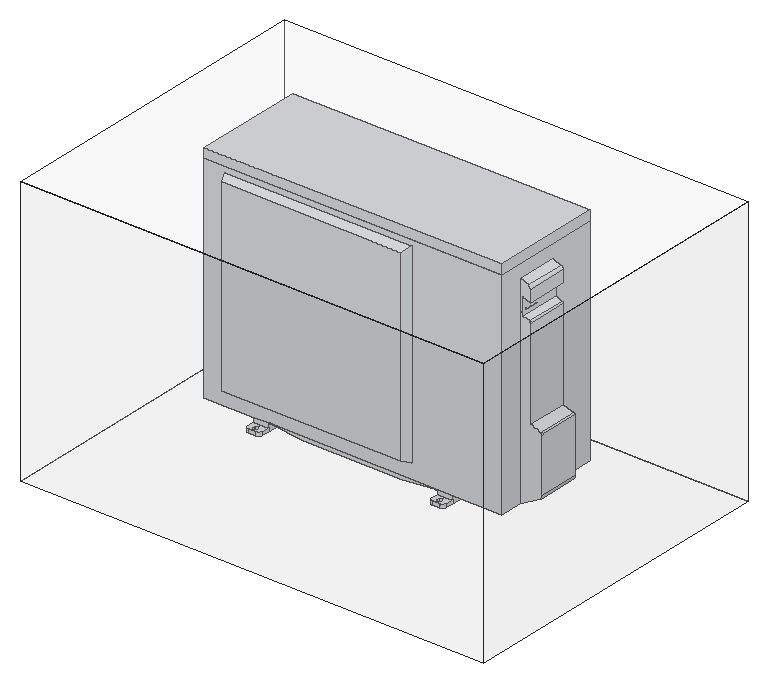
Revit family "puz-ermp40_63(s)ka11_50Hz", category 機械設備, Revit 2019
Family settings
  丸型コネクタ寸法 = 直径を使用
  パーツ タイプ = 標準
  OmniClass 番号 = 23.75.10.24.21.27.27
  OmniClass タイトル = Split System Air Conditioning Units
  作業面ベース = いいえ
  常に垂直 = はい
  ロード時にボイドで切り取り = いいえ
  共有 = いいえ
  部屋計算ポイント = いいえ
Parameters (values of type "PUZ-ERMP40KA11")
  音響パワーレベル（冷）(dB) = 64
  音響パワーレベル(dB) = 66
  電源種別 = ""
  電源位置Y = 61 mm
  電源位置Z = 497.7 mm
  電源位置X = 400 mm
  電圧 = 200 V
  電動機出力_送風機 = 0.04 kW
  電動機出力_圧縮機 = 0.7 kW
  集中コントローラ [instance] = ""
  運転質量 = 0.00 kg
  運転方法 = "冷暖切替"
  質量 = if(製品質量 > 運転質量, 製品質量, 運転質量) * 1.2  # 45.60 kg
  負荷分類 = 1_熱源類
  説明 = "空冷H/P PAC インバータ室外機"
  設計暖房能力 [instance] = 0 kW
  設計冷房能力_顕熱 [instance] = 0 kW
  設計冷房能力 [instance] = 0 kW
  設置方法 = "床置形"
  記号 [instance] = ""
  製造元 = "三菱電機株式会社"
  製品質量 = 38.00 kg
  製品出荷対象 = "国内"
  製品リリース年月 = "2021年5月10日"
  製品グループ = ""
  系統 [instance] = ""
  符号 = "PAC"
  積算_科目 = "1 空気調和設備"
  積算_拾い区分 [instance] = ""
  相 = 3
  盤記号 [instance] = ""
  発停方法 = "付属スイッチ"
  特殊仕様 [instance] = ""
  消費電力_暖房 = 0.871 kW
  消費電力_冷房 = 0.759 kW
  消費電力 = if(消費電力_冷房 > 消費電力_暖房, 消費電力_冷房, 消費電力_暖房)  # 0.871 kW
  法定耐用年数 = "6"
  構成品番 = "PUZ-ERMP40KA"
  極数 = 3
  材質 [instance] = ""
  本体マテリアル = none
  最小電線太さ_mm2 = 1.6
  最大電流値 = 0 A
  暖房能力 = 4 kW
  推奨ブレーカー容量 = 15 A
  据付ピッチ1 = 0 mm
  形式 = "パッケージ形 室外機"
  形名 = PUZ-ZRMP-1 : PUZ-ZRMP-1
  幹線記号 [instance] = ""
  始動方式 = "インバータ始動方式"
  呼称 = "パッケージ形空気調和機_室外機"
  周波数 = 50 Hz
  価格 = 450000
  ドレン　位置Z = 8.5 mm
  ドレン　位置Y = 48.5 mm
  ドレン　位置X = 404.5 mm
  アンカーボルト位置Y = 330 mm
  アンカーボルト位置X = 500 mm
  参照している仕様書等のバージョン = "公共建築物標準仕様書（機械設備工事編）平成31年度版"
  分類コード = "50053003126100"
  分類グループ = ""
  冷房能力 = 3.6 kW
  冷媒管（ガス）位置X = 420 mm
  冷媒管（液）位置X = 420 mm
  冷媒管（液）位置Y = 153.75 mm
  冷媒管（ガス）位置Y = 153.75 mm
  冷媒管長 [instance] = 0 mm
  冷媒管径符号 = "Ac"
  冷媒管径 = 60.00 mm
  冷媒管位置Z = 158.95 mm
  冷媒管位置Y = (冷媒管（液）位置Y + 冷媒管（ガス）位置Y) / 2  # 153.75 mm
  冷媒管位置X = (冷媒管（液）位置X + 冷媒管（ガス）位置X) / 2  # 420 mm
  冷媒液管径 = 6.35 mm
  冷媒ガス管径 = 12.70 mm
  企業コード = "108420"
  付属品 [instance] = ""
  仕様書バージョン = "Version1.0"
  ユニット数 = 1
  ユニット3 = yes
  ユニット2 = yes
  Model = ""
  ドレン管径 = 42.00 mm
  サービススペース = yes
  コメント [instance] = ""
  ケーブル種類1 = ""
  Width = 809 mm
  Version = ""
  Uniclass2015Version = "Systems v1.9"
  Uniclass2015Title = "Split coil remote air cooled condensing units"
  Uniclass2015Code = "Pr_70_65_03_84"
  URL = "https://www.mitsubishielectric.co.jp/ldg/wink/ssl/displayProduct.do?pid=311553"
  SpecificationReference = ""
  SpecificationDescription = ""
  Revision = ""
  ProductInformation = ""
  OmniClassCode = "23-33 17 13 11"
  IfcTypeProduct = ""
  IfcProduct = ""
  IfcExportType = "AIRCONDITIONINGUNIT"
  IfcExportAs = "IfcUnitaryEquipmentType"
  Height = 630 mm
  Depth = 300 mm
  Clearance Top = 100 mm
  Clearance Right = 350 mm
  Clearance Left = 100 mm
  Clearance Front = 500 mm
  Clearance Bottom = 0 mm
  Clearance Back = 100 mm
  COP = 0
  Author = "三菱電機株式会社"
  APF = 0
Reference planes
  plane 1 "中心(正面/背面)": y = 74
  plane 2: z = 0
  plane 3 "中心(左/右)": x = 830
  plane 4 "右": x = 1234.5
  plane 5 "左": x = 425.5
  plane 6 "背面": y = 224
  plane 7 "正面": y = -76
  plane 8 "上部": z = 630
  plane 9 "Clearanse Top": z = 730
  plane 10 "SS_back": y = 324
  plane 11 "SS_front": y = -576
  plane 12 "SS_left": x = 325.5
  plane 13 "SS_right": x = 1584.5
  plane 14: z = 0
  plane 15: y = -15
  plane 16: x = 1230
  plane 17: z = 497.7
  plane 18: y = -13
  plane 19: y = 70.25
  plane 20: x = 1250
  plane 21: y = 175.5
  plane 22: x = 830
  plane 23: z = 10.5
  plane 24: z = 8.5
  plane 25: x = 580
  plane 26: x = 1080
  plane 27: y = 239
  plane 28: y = -91
Forms (mm)
  Extrusion 1, solid, detail levels fine
    sketch origin (0, -76, 0) x (1, 0, 0) y (0, 0, 1)
      loop
        circle (1230, 497.7) r 13.5
    from -63 to -61
  Extrusion 2, solid, detail levels fine
    sketch origin (-1437.329, -1524, 54) x (-1, 0, 0) y (0, -1, 0)
      loop
        circle (-2267.329, -1699.5) r 21
    from -45.5 to -43.5
  Sweep 3, solid, material <- "本体マテリアル", detail levels fine
    path origin (1250, 1296.25, 1200) x (0, 1, 0) y (0, 0, 1)
      loop
        line (-1226, -1041.05) -> (-1272.623, -1084.565)
    profile origin (1250, 46.939, 137.193) x (0, 0.682318, -0.731055) y (1, 0, 0)
      loop
        circle (0, 0) r 30
Lines and regions (mm)
  model lines, not visible
    curve 1: line (460, 178.667, 1289.179) -> (460, 297.73, 1289.179)
    curve 2: line (460, 178.667, 1056.056) -> (460, 178.667, 1289.179)
    curve 3: line (460, 297.73, 1056.056) -> (460, 178.667, 1056.056)
    curve 4: line (460, 297.73, 1289.179) -> (460, 297.73, 1056.056)
    curve 5: line (460, 47.598, 1289.179) -> (460, 166.661, 1289.179)
    curve 6: line (460, 47.598, 1056.056) -> (460, 47.598, 1289.179)
    curve 7: line (460, 166.661, 1056.056) -> (460, 47.598, 1056.056)
    curve 8: line (460, 166.661, 1289.179) -> (460, 166.661, 1056.056)
    curve 9: line (460, -83.471, 1289.179) -> (460, 35.592, 1289.179)
    curve 10: line (460, -83.471, 1056.056) -> (460, -83.471, 1289.179)
    curve 11: line (460, 35.592, 1056.056) -> (460, -83.471, 1056.056)
    curve 12: line (460, 35.592, 1289.179) -> (460, 35.592, 1056.056)
    curve 13: line (460, -150.779, 1289.179) -> (460, -95.75, 1289.179)
    curve 14: line (460, -150.779, 1056.056) -> (460, -150.779, 1289.179)
    curve 15: line (460, -95.75, 1056.056) -> (460, -150.779, 1056.056)
    curve 16: line (460, -95.75, 1289.179) -> (460, -95.75, 1056.056)
    curve 17: line (460, -150.779, 1283.175) -> (460, -132.596, 1283.175)
    curve 18: line (460, -150.779, 1062.059) -> (460, -150.779, 1283.175)
    curve 19: line (460, -132.596, 1062.059) -> (460, -150.779, 1062.059)
    curve 20: line (460, -132.596, 1283.175) -> (460, -132.596, 1062.059)
    curve 21: line (460, 178.667, 1046.051) -> (460, 297.73, 1046.051)
    curve 22: line (460, 178.667, 812.928) -> (460, 178.667, 1046.051)
    curve 23: line (460, 297.73, 812.928) -> (460, 178.667, 812.928)
    curve 24: line (460, 297.73, 1046.051) -> (460, 297.73, 812.928)
    curve 25: line (460, 47.598, 1046.051) -> (460, 166.661, 1046.051)
    curve 26: line (460, 47.598, 812.928) -> (460, 47.598, 1046.051)
    curve 27: line (460, 166.661, 812.928) -> (460, 47.598, 812.928)
    curve 28: line (460, 166.661, 1046.051) -> (460, 166.661, 812.928)
    curve 29: line (460, -83.471, 1046.051) -> (460, 35.592, 1046.051)
    curve 30: line (460, -83.471, 812.928) -> (460, -83.471, 1046.051)
    curve 31: line (460, 35.592, 812.928) -> (460, -83.471, 812.928)
    curve 32: line (460, 35.592, 1046.051) -> (460, 35.592, 812.928)
    curve 33: line (460, -150.779, 1046.051) -> (460, -95.75, 1046.051)
    curve 34: line (460, -150.779, 812.928) -> (460, -150.779, 1046.051)
    curve 35: line (460, -95.75, 812.928) -> (460, -150.779, 812.928)
    curve 36: line (460, -95.75, 1046.051) -> (460, -95.75, 812.928)
    curve 37: line (460, -150.779, 1040.048) -> (460, -132.596, 1040.048)
    curve 38: line (460, -150.779, 818.931) -> (460, -150.779, 1040.048)
    curve 39: line (460, -132.596, 818.931) -> (460, -150.779, 818.931)
    curve 40: line (460, -132.596, 1040.048) -> (460, -132.596, 818.931)
    curve 41: line (460, 178.667, 802.923) -> (460, 297.73, 802.923)
    curve 42: line (460, 178.667, 569.8) -> (460, 178.667, 802.923)
    curve 43: line (460, 297.73, 569.8) -> (460, 178.667, 569.8)
    curve 44: line (460, 297.73, 802.923) -> (460, 297.73, 569.8)
    curve 45: line (460, 47.598, 802.923) -> (460, 166.661, 802.923)
    curve 46: line (460, 47.598, 569.8) -> (460, 47.598, 802.923)
    curve 47: line (460, 166.661, 569.8) -> (460, 47.598, 569.8)
    curve 48: line (460, 166.661, 802.923) -> (460, 166.661, 569.8)
    curve 49: line (460, -83.471, 802.923) -> (460, 35.592, 802.923)
    curve 50: line (460, -83.471, 569.8) -> (460, -83.471, 802.923)
    curve 51: line (460, 35.592, 569.8) -> (460, -83.471, 569.8)
    curve 52: line (460, 35.592, 802.923) -> (460, 35.592, 569.8)
    curve 53: line (460, -150.779, 802.923) -> (460, -95.75, 802.923)
    curve 54: line (460, -150.779, 569.8) -> (460, -150.779, 802.923)
    curve 55: line (460, -95.75, 569.8) -> (460, -150.779, 569.8)
    curve 56: line (460, -95.75, 802.923) -> (460, -95.75, 569.8)
    curve 57: line (460, -150.779, 796.92) -> (460, -132.596, 796.92)
    curve 58: line (460, -150.779, 575.803) -> (460, -150.779, 796.92)
    curve 59: line (460, -132.596, 575.803) -> (460, -150.779, 575.803)
    curve 60: line (460, -132.596, 796.92) -> (460, -132.596, 575.803)
    curve 61: line (460, 178.667, 559.795) -> (460, 297.73, 559.795)
    curve 62: line (460, 178.667, 326.672) -> (460, 178.667, 559.795)
    curve 63: line (460, 297.73, 326.672) -> (460, 178.667, 326.672)
    curve 64: line (460, 297.73, 559.795) -> (460, 297.73, 326.672)
    curve 65: line (460, 47.598, 559.795) -> (460, 166.661, 559.795)
    curve 66: line (460, 47.598, 326.672) -> (460, 47.598, 559.795)
    curve 67: line (460, 166.661, 326.672) -> (460, 47.598, 326.672)
    curve 68: line (460, 166.661, 559.795) -> (460, 166.661, 326.672)
    curve 69: line (460, -83.471, 559.795) -> (460, 35.592, 559.795)
    curve 70: line (460, -83.471, 326.672) -> (460, -83.471, 559.795)
    curve 71: line (460, 35.592, 326.672) -> (460, -83.471, 326.672)
    curve 72: line (460, 35.592, 559.795) -> (460, 35.592, 326.672)
    curve 73: line (460, -150.779, 559.795) -> (460, -95.75, 559.795)
    curve 74: line (460, -150.779, 326.672) -> (460, -150.779, 559.795)
    curve 75: line (460, -95.75, 326.672) -> (460, -150.779, 326.672)
    curve 76: line (460, -95.75, 559.795) -> (460, -95.75, 326.672)
    curve 77: line (460, -150.779, 553.792) -> (460, -132.596, 553.792)
    curve 78: line (460, -150.779, 332.675) -> (460, -150.779, 553.792)
    curve 79: line (460, -132.596, 332.675) -> (460, -150.779, 332.675)
    curve 80: line (460, -132.596, 553.792) -> (460, -132.596, 332.675)
    curve 81: line (460, 178.667, 316.667) -> (460, 297.73, 316.667)
    curve 82: line (460, 178.667, 83.544) -> (460, 178.667, 316.667)
    curve 83: line (460, 297.73, 83.544) -> (460, 178.667, 83.544)
    curve 84: line (460, 297.73, 316.667) -> (460, 297.73, 83.544)
    curve 85: line (460, 47.598, 316.667) -> (460, 166.661, 316.667)
    curve 86: line (460, 47.598, 83.544) -> (460, 47.598, 316.667)
    curve 87: line (460, 166.661, 83.544) -> (460, 47.598, 83.544)
    curve 88: line (460, 166.661, 316.667) -> (460, 166.661, 83.544)
    curve 89: line (460, -83.471, 316.667) -> (460, 35.592, 316.667)
    curve 90: line (460, -83.471, 83.544) -> (460, -83.471, 316.667)
    curve 91: line (460, 35.592, 83.544) -> (460, -83.471, 83.544)
    curve 92: line (460, 35.592, 316.667) -> (460, 35.592, 83.544)
    curve 93: line (460, -150.779, 316.667) -> (460, -95.75, 316.667)
    curve 94: line (460, -150.779, 83.544) -> (460, -150.779, 316.667)
    curve 95: line (460, -95.75, 83.544) -> (460, -150.779, 83.544)
    curve 96: line (460, -95.75, 316.667) -> (460, -95.75, 83.544)
    curve 97: line (460, -150.779, 310.664) -> (460, -132.596, 310.664)
    curve 98: line (460, -150.779, 89.547) -> (460, -150.779, 310.664)
    curve 99: line (460, -132.596, 89.547) -> (460, -150.779, 89.547)
    curve 100: line (460, -132.596, 310.664) -> (460, -132.596, 89.547)
Dimensions and locks
  equal spacing: plane 7 "正面", plane 1 "中心(正面/背面)", plane 6 "背面"
  "Depth": plane 7 "正面" to plane 6 "背面"
  "Width": plane 5 "左" to plane 4 "右"
  equal spacing: plane 5 "左", plane 3 "中心(左/右)", plane 4 "右"
  "Clearance Left": plane 12 "SS_left" to plane 5 "左"
  "Clearance Right": plane 4 "右" to plane 13 "SS_right"
  "Clearance Back": plane 6 "背面" to plane 10 "SS_back"
  "Clearance Front": plane 11 "SS_front" to plane 7 "正面"
  "Height": plane 8 "上部" to level
  "Clearance Top": plane 9 "Clearanse Top" to plane 8 "上部"
  "Clearance Bottom": level to plane 14
  "電源位置X": plane 3 "中心(左/右)" to plane 16
  "電源位置Y": plane 7 "正面" to plane 15
  "電源位置Z": plane 17 to level
  locked: plane 15 to plane 18 at 2
  "冷媒管位置X": plane 3 "中心(左/右)" to plane 20
  "冷媒管位置Y": plane 19 to plane 6 "背面"
  "ドレン　位置X": plane 5 "左" to plane 22
  "ドレン　位置Y": plane 21 to plane 6 "背面"
  locked: plane 23 to plane 24 at 2
  "ドレン　位置Z": plane 24 to level
  equal spacing: plane 28, plane 1 "中心(正面/背面)", plane 27
  "アンカーボルト位置Y": plane 28 to plane 27
  equal spacing: plane 25, plane 3 "中心(左/右)", plane 26
  "アンカーボルト位置X": plane 25 to plane 26
  radius of Extrusion 1 sketch curve = 13.5 mm
  "ドレン管径": diameter of Extrusion 2 sketch curve
  "冷媒管径": diameter of Sweep 3 sketch curve
  aligned and locked: level to plane 2
  aligned and locked: plane 10 "SS_back" to nested 1  (x2)
  aligned and locked: plane 13 "SS_right" to nested 1
  aligned and locked: plane 12 "SS_left" to nested 1  (x2)
  aligned and locked: nested 1 to plane 13 "SS_right"
  aligned and locked: plane 11 "SS_front" to nested 1
  aligned and locked: plane 9 "Clearanse Top" to nested 1
  aligned and locked: plane 1 "中心(正面/背面)" to nested 2
  aligned and locked: plane 3 "中心(左/右)" to nested 2
  aligned and locked: plane 14 to nested 1
  aligned and locked: plane 17 to Extrusion 1 sketch curve
  aligned and locked: plane 16 to Extrusion 1 sketch curve
  aligned and locked: Extrusion 1 to plane 18
  aligned and locked: plane 15 to Extrusion 1
  aligned and locked: plane 22 to Extrusion 2 sketch curve
  aligned and locked: plane 21 to Extrusion 2 sketch curve
  aligned and locked: plane 23 to Extrusion 2
  aligned and locked: Extrusion 2 to plane 24
  aligned and locked: plane 25 to nested 3
  aligned and locked: plane 27 to nested 3
Automatic sketch dimensions
  Sweep 3 sketch curve to plane 18 = 36.627 mm
  plane 1 "中心(正面/背面)" to Sweep 3 sketch curve = 3.75 mm
  plane 23 to Sweep 3 sketch curve = 104.935 mm
  Sweep 3 sketch curve to Sweep 3 sketch curve = 43.515 mm
  Sweep 3 sketch curve to plane 20 = 0 mm
  Sweep 3 sketch curve to profile plane = 0 mm
Nested families
  nested 1: "サービススペース" at (955, -126, 365), visible <- "サービススペース", type "サービススペース"
    with Width 1259 mm, Height 730 mm, Depth 900 mm
  nested 2: "PUZ-ZRMP-1" at (830, 74, 0), type <- "形名", type "PUZ-ZRMP-1"
  nested 3: "固定点" at (580, -91, 0), type "固定点"
    with 中心円 10 mm, W 500 mm, D 330 mm
Connectors
  electrical at (1230, -15, 497.7), driven by "極数", driven by "負荷分類", driven by "電圧", driven by "消費電力"
    settings: on Extrusion 1, index 2, voltage 200 V, apparent load 871 VA, apparent load phase1 0 VA, apparent load phase2 0 VA, apparent load phase3 0 VA, power factor 1, load classification "1_熱源類", number of poles 3, system type 30, power factor state 1, is connector primary yes, connector utility no, sub classification motor no, connector description ""
  piping at (1250, 70.25, 158.95), diameter 60, driven by "冷媒管径", driven by "冷媒管径符号"
    settings: on Sweep 3, index 3, connector inside diameter 609.60 mm, connector length 0 mm, flow factor 0, pipe flow 0.0 L/s, pressure drop 0.0 Pa, fitting loss kfactor 0, connector angle 0.00°, fixture units 0, engagement length 0 mm, angle of deflection 0.00°, flow configuration 1, flow direction 2, fitting loss method 4, system type 7, joint type 0, gender type 0, connector reference index -1, connector utility 0, adjustable connector no, is connector primary yes, connector description "Ac"
Definition of nested family "サービススペース"
  Parameters (values of type "サービススペース")
    Width [instance] = 500 mm
    Height [instance] = 500 mm
    Depth [instance] = 500 mm
  Reference planes
    plane 1 "中心(正面/背面)": y = 0
    plane 2: z = 0
    plane 3 "中心(左/右)": x = 0
    plane 4: y = -250
    plane 5: x = 250
    plane 6: y = 250
    plane 7: x = -250
    plane 8: z = 250
    plane 9: z = -250
  Forms (mm)
    Extrusion 1, solid
      sketch origin (-638.939, 0, 72.39) x (1, 0, 0) y (0, 1, 0)
        loop
          line (388.939, 250) -> (388.939, -250) -> (888.939, -250) -> (888.939, 250) -> (388.939, 250)
      from -322.39 to 177.61
  Lines and regions (mm)
    symbolic lines
      curve 1: line (-250, 0, 250) -> (250, 0, 250)
      curve 2: line (-250, 0, -250) -> (-250, 0, 250)
      curve 3: line (250, 0, -250) -> (-250, 0, -250)
      curve 4: line (250, 0, 250) -> (250, 0, -250)
      curve 5: line (0, -250, 250) -> (0, 250, 250)
      curve 6: line (0, -250, -250) -> (0, -250, 250)
      curve 7: line (0, 250, -250) -> (0, -250, -250)
      curve 8: line (0, 250, 250) -> (0, 250, -250)
      curve 9: line (-250, 250, 0) -> (250, 250, 0)
      curve 10: line (-250, -250, 0) -> (-250, 250, 0)
      curve 11: line (250, -250, 0) -> (-250, -250, 0)
      curve 12: line (250, 250, 0) -> (250, -250, 0)
  Dimensions and locks
    equal spacing: plane 7, plane 3 "中心(左/右)", plane 5
    equal spacing: plane 4, plane 1 "中心(正面/背面)", plane 6
    "Depth": plane 4 to plane 6
    "Width": plane 7 to plane 5
    equal spacing: plane 8, plane 2, plane 9
    "Height": plane 8 to plane 9
    aligned and locked: plane 9 to curve 3
    aligned and locked: plane 7 to curve 2
    aligned and locked: curve 4 to plane 5
    aligned and locked: plane 5 to Extrusion 1
    aligned and locked: Extrusion 1 to plane 7
    aligned and locked: Extrusion 1 to plane 9
    aligned and locked: plane 8 to Extrusion 1
    aligned and locked: plane 9 to curve 7
  Automatic sketch dimensions
    plane 4 to Extrusion 1 sketch curve = 0 mm
    Extrusion 1 sketch curve to plane 7 = 0 mm
    Extrusion 1 sketch curve to plane 5 = 0 mm
    plane 6 to Extrusion 1 sketch curve = 0 mm
    curve 2 to plane 8 = 0 mm
    plane 4 to curve 11 = 0 mm
    curve 11 to plane 7 = 0 mm
    curve 11 to plane 5 = 0 mm
    plane 6 to curve 10 = 0 mm
    curve 7 to plane 4 = 0 mm
    curve 7 to plane 6 = 0 mm
    curve 6 to plane 8 = 0 mm
Definition of nested family "PUZ-ZRMP-1"
  Parameters (values of type "PUZ-ZRMP-1")
    配線取出口サイズ = 27 mm
    配線取出口-Z = 497.7 mm
    配線取出口-Y = 239 mm
    配線取出口-X = 400 mm
    液配管サイズ = 50 mm
    高さ = 630 mm
    換気-W = 310 mm
    換気-H2 = 632 mm
    換気-H1 = 325 mm
    換気-D = 23.2 mm
    奥行き = 300 mm
    吊りボルト_H = 0 mm
    吊りボルト-φ = 10 mm
    冷媒配管サイズ = 6.35 mm
    冷媒液管径-Z = 164.5 mm
    冷媒液管径-Y = 185.5 mm
    冷媒液管径-X = 420 mm
    冷媒ガス管径-Z = 99.5 mm
    冷媒ガス管径-Y = 185.5 mm
    冷媒ガス管径-X = 420 mm
    吊りボルト-W = 500 mm
    マテリアル = none
    ドレン配管サイズ = 42 mm
    ドレン管径-Z = 0 mm
    ドレン管径-Y = 251.5 mm
    ドレン管径-X = 404.5 mm
    タイプ3 = no
    タイプ2 = no
    タイプ1 = yes
    ガス配管サイズ = 12.7 mm
    吊りボルト-D = 330 mm
    幅さ = 809 mm
    a = 600 mm
  Reference planes
    plane 1 "中心(正面/背面)": y = 0
    plane 2: z = 0
    plane 3 "中心(左/右)": x = 0
    plane 4: z = 630
    plane 5: x = -404.5
    plane 6: x = 404.5
    plane 7: y = 150
    plane 8: y = -150
    plane 9: x = 466.5
    plane 10: y = -90
    plane 11: y = 20
    plane 12: z = 605
    plane 13: x = -424.5
    plane 14: x = -250
    plane 15: x = 250
    plane 16: y = 165
    plane 17: y = -165
    plane 18: x = 270
    plane 19: x = 230
    plane 20: x = -230
    plane 21: x = -270
    plane 22: y = 180
    plane 23: y = -180
    plane 24: z = 8.5
    plane 25: z = 20
    plane 26: z = 11.5
    plane 27: x = -135
    plane 28: x = 135
    plane 29: z = 625
    plane 30: y = -40
    plane 31: y = 40
    plane 32: y = -30
    plane 33: y = 30
    plane 34: z = 610
    plane 35: z = 55
    plane 36: z = 225
    plane 37: z = 570
    plane 38: x = 414.5
    plane 39: x = 435.5
    plane 40: y = -173.2
    plane 41: x = -94.5
    plane 42: z = 325
    plane 43: x = 159.5
    plane 44: x = -348.5
    plane 45: z = 589
    plane 46: z = 61
    plane 47: x = -338.5
    plane 48: x = 149.5
    plane 49: z = 579
    plane 50: z = 71
    plane 51: y = 100
    plane 52: y = -100
    plane 53: x = 0
    plane 54: y = 101.5
    plane 55: x = 420
    plane 56: x = 400
    plane 57: y = -89
    plane 58: y = -35.5
    plane 59: y = -35.5
    plane 60: x = 420
    plane 61: z = 99.5
    plane 62: z = 164.5
    plane 63: z = 497.7
    plane 64: y = -39
    plane 65: z = 137.3
    plane 66: z = 180.6
    plane 67: x = 420
    plane 68: y = -35.5
    plane 69 "グループ": x = -600
    plane 70: z = 1338
    plane 71: z = 943
    plane 72: z = 957
    plane 73: z = 1221
    plane 74: z = 693
    plane 75: z = 1211
    plane 76: z = 703
    plane 77: y = -12.5
    plane 78: y = 5
    plane 79: y = -3.75
  Forms (mm)
    Extrusion 1, solid, visible <- "タイプ1", detail levels fine
      sketch origin (-1437.329, -1524, 630) x (-1, 0, 0) y (0, -1, 0)
        loop
          line (-1167.329, -1674) -> (-1167.329, -1374) -> (-1207.329, -1374) -> (-1207.329, -1674) -> (-1167.329, -1674)
        loop
          line (-1667.329, -1674) -> (-1667.329, -1374) -> (-1707.329, -1374) -> (-1707.329, -1674) -> (-1667.329, -1674)
      from -630 to -610
    Extrusion 2, solid, material <- "マテリアル", visible <- "タイプ1", detail levels fine
      sketch origin (0, 0, 0) x (1, 0, 0) y (0, 0, 1)
        loop
          line (-230, 20) -> (-135, 11.5) -> (135, 11.5) -> (230, 20) -> (-230, 20)
      from -150 to 150
    Extrusion 3, solid, material <- "マテリアル", visible <- "タイプ1", detail levels fine
      sketch origin (-1437.329, -1524, 630) x (-1, 0, 0) y (0, -1, 0)
        loop
          circle (-1437.329, -1625.5) r 21
      from -621.5 to -618.5
    Extrusion 4, solid, material <- "マテリアル", visible <- "タイプ1", detail levels fine
      sketch origin (-1437.329, -1524, 630) x (-1, 0, 0) y (0, -1, 0)
        loop
          line (-1841.829, -1674) -> (-1032.829, -1674) -> (-1032.829, -1374) -> (-1841.829, -1374) -> (-1841.829, -1674)
      from -610 to -25
    Extrusion 5, solid, material <- "マテリアル", visible <- "タイプ1", detail levels fine
      sketch origin (-1437.329, -1524, 630) x (-1, 0, 0) y (0, -1, 0)
        loop
          line (-1032.829, -1674) -> (-1032.829, -1374) -> (-1841.829, -1374) -> (-1841.829, -1674) -> (-1032.829, -1674)
      from -25 to 0
    Blend 6, solid, material <- "マテリアル", visible <- "タイプ1", detail levels fine
      base sketch origin (0, 0, 0) x (0, 1, 0) y (0, 0, 1)
        loop
          line (40, 625) -> (-40, 625) -> (-40, 605) -> (40, 605) -> (40, 625)
      top sketch origin (0, 0, 0) x (0, 1, 0) y (0, 0, 1)
        loop
          line (30, 610) -> (-30, 610) -> (-30, 605) -> (30, 605) -> (30, 610)
      from -404.5 to -424.5
    Extrusion 7, solid, material <- "マテリアル", visible <- "タイプ1", detail levels fine
      sketch origin (0, 0, 0) x (1, 0, 0) y (0, 0, 1)
        loop
          line (404.5, 570) -> (404.5, 20) -> (461.416, 52.13)
          arc (461.416, 52.13) -> (465.136, 55.796) -> (466.5, 60.838) r 10
          line (466.5, 60.838) -> (466.5, 210.216)
          arc (466.5, 210.216) -> (465.596, 213.084) -> (463.21, 214.914) r 5
          line (463.21, 214.914) -> (435.5, 225) -> (435.5, 470.082)
          arc (435.5, 470.082) -> (434.596, 472.95) -> (432.21, 474.78) r 5
          line (432.21, 474.78) -> (414.5, 481.226) -> (414.5, 529.114) -> (435.5, 521.471) -> (435.5, 551.715)
          arc (435.5, 551.715) -> (433.692, 557.451) -> (428.92, 561.112) r 10
          line (428.92, 561.112) -> (404.5, 570)
      from -20 to 90
    Blend 8, solid, material <- "マテリアル", visible <- "タイプ1", detail levels fine
      base sketch origin (0, 0, 0) x (1, 0, 0) y (0, 0, 1)
        loop
          line (-348.5, 589) -> (-348.5, 61) -> (159.5, 61) -> (159.5, 589) -> (-348.5, 589)
      top sketch origin (0, 0, 0) x (1, 0, 0) y (0, 0, 1)
        loop
          line (-338.5, 579) -> (-338.5, 71) -> (149.5, 71) -> (149.5, 579) -> (-338.5, 579)
      from 150 to 173.2
    Extrusion 9, solid, material <- "マテリアル", visible <- "タイプ1", detail levels fine
      sketch origin (1480.036, -173.2, 1200) x (1, 0, 0) y (0, 0, 1)
        loop
          circle (-1080.036, -702.3) r 13.5
      from -134.2 to -84.2
    Extrusion 10, solid, visible <- "タイプ1", detail levels fine
      sketch origin (-1437.329, -1524, 630) x (-1, 0, 0) y (0, -1, 0)
        loop
          line (-1167.329, -1704) -> (-1167.329, -1674) -> (-1207.329, -1674) -> (-1207.329, -1704) -> (-1192.329, -1704) -> (-1192.329, -1689)
          arc (-1192.329, -1689) -> (-1187.329, -1684) -> (-1182.329, -1689) r 5
          line (-1182.329, -1689) -> (-1182.329, -1704) -> (-1167.329, -1704)
        loop
          line (-1667.329, -1704) -> (-1667.329, -1674) -> (-1707.329, -1674) -> (-1707.329, -1704) -> (-1692.329, -1704) -> (-1692.329, -1689)
          arc (-1692.329, -1689) -> (-1687.329, -1684) -> (-1682.329, -1689) r 5
          line (-1682.329, -1689) -> (-1682.329, -1704) -> (-1667.329, -1704)
        loop
          line (-1667.329, -1374) -> (-1667.329, -1354)
          arc (-1667.329, -1354) -> (-1670.258, -1346.929) -> (-1677.329, -1344) r 10
          line (-1677.329, -1344) -> (-1697.329, -1344)
          arc (-1697.329, -1344) -> (-1704.4, -1346.929) -> (-1707.329, -1354) r 10
          line (-1707.329, -1354) -> (-1707.329, -1374) -> (-1667.329, -1374)
        loop
          line (-1167.329, -1374) -> (-1167.329, -1354)
          arc (-1167.329, -1354) -> (-1170.258, -1346.929) -> (-1177.329, -1344) r 10
          line (-1177.329, -1344) -> (-1197.329, -1344)
          arc (-1197.329, -1344) -> (-1204.4, -1346.929) -> (-1207.329, -1354) r 10
          line (-1207.329, -1354) -> (-1207.329, -1374) -> (-1167.329, -1374)
        loop
          arc (-1192.329, -1359) -> (-1187.329, -1364) -> (-1182.329, -1359) r 5
          line (-1182.329, -1359) -> (-1182.329, -1354)
          arc (-1182.329, -1354) -> (-1187.329, -1349) -> (-1192.329, -1354) r 5
          line (-1192.329, -1354) -> (-1192.329, -1359)
        loop
          arc (-1692.329, -1359) -> (-1687.329, -1364) -> (-1682.329, -1359) r 5
          line (-1682.329, -1359) -> (-1682.329, -1354)
          arc (-1682.329, -1354) -> (-1687.329, -1349) -> (-1692.329, -1354) r 5
          line (-1692.329, -1354) -> (-1692.329, -1359)
      from -621.5 to -630
    Sweep 11, solid, material <- "マテリアル", visible <- "タイプ1", detail levels fine
      path origin (420, 1296.25, 1200) x (0, 1, 0) y (0, 0, 1)
        loop
          line (-1331.75, -1035.5) -> (-1308.75, -1019.4)
      profile origin (420, -24, 172.55) x (0, -0.573462, 0.819232) y (1, 0, 0)
        loop
          circle (0, 0) r 3.175
    Sweep 12, solid, material <- "マテリアル", visible <- "タイプ1", detail levels fine
      path origin (420, 1296.25, 1200) x (0, 1, 0) y (0, 0, 1)
        loop
          line (-1331.75, -1100.5) -> (-1291.25, -1062.7)
      profile origin (420, -15.25, 118.4) x (0, -0.682318, 0.731055) y (1, 0, 0)
        loop
          circle (0, 0) r 6.35
  Lines and regions (mm)
    Masking region 1, visible <- "タイプ1", detail levels coarse+medium
      outline origin (-1437.329, -1524, 630) x (-1, 0, 0) y (0, -1, 0)
        loop
          line (-1841.829, -1674) -> (-1707.329, -1674) -> (-1707.329, -1704) -> (-1667.329, -1704) -> (-1667.329, -1674) -> (-1207.329, -1674) -> (-1207.329, -1704) -> (-1167.329, -1704) -> (-1167.329, -1674) -> (-1032.829, -1674) -> (-1032.829, -1564) -> (-1012.829, -1554) -> (-1012.829, -1494) -> (-1032.829, -1484) -> (-1032.829, -1374) -> (-1088.829, -1374) -> (-1098.829, -1350.8) -> (-1167.855, -1350.8)
          arc (-1167.855, -1350.8) -> (-1171.498, -1345.876) -> (-1177.329, -1344) r 10
          line (-1177.329, -1344) -> (-1197.329, -1344)
          arc (-1197.329, -1344) -> (-1203.16, -1345.876) -> (-1206.804, -1350.8) r 10
          line (-1206.804, -1350.8) -> (-1586.829, -1350.8) -> (-1596.829, -1374) -> (-1667.329, -1374) -> (-1667.329, -1354)
          arc (-1667.329, -1354) -> (-1670.258, -1346.929) -> (-1677.329, -1344) r 10
          line (-1677.329, -1344) -> (-1697.329, -1344)
          arc (-1697.329, -1344) -> (-1704.4, -1346.929) -> (-1707.329, -1354) r 10
          line (-1707.329, -1354) -> (-1707.329, -1374) -> (-1841.829, -1374) -> (-1841.829, -1434) -> (-1903.829, -1434) -> (-1903.829, -1544) -> (-1841.829, -1544) -> (-1841.829, -1674)
    model lines, visible <- "タイプ1", detail levels fine
      curve 1: line (324.5, 100, 630) -> (-324.5, 100, 630)
      curve 2: line (-324.5, -100, 630) -> (324.5, -100, 630)
      curve 3: line (-324.5, -40, 630) -> (324.5, -40, 630)
      curve 4: line (324.5, 40, 630) -> (-324.5, 40, 630)
      curve 5: line (-324.5, -30, 630) -> (324.5, -30, 630)
      curve 6: line (324.5, 30, 630) -> (-324.5, 30, 630)
      curve 7: line (-324.5, 100, 630) -> (-324.5, 40, 630)
      curve 8: line (324.5, -100, 630) -> (324.5, -40, 630)
      curve 9: line (-324.5, 30, 630) -> (-324.5, -30, 630)
      curve 10: line (-324.5, -40, 630) -> (-324.5, -100, 630)
      curve 11: line (324.5, -30, 630) -> (324.5, 30, 630)
      curve 12: line (324.5, 40, 630) -> (324.5, 100, 630)
      curve 13: line (354.5, -100, 630) -> (354.5, 100, 630)
      curve 14: line (339.5, -100, 630) -> (339.5, 100, 630)
      curve 15: line (-354.5, 100, 630) -> (-354.5, -100, 630)
      curve 16: line (-339.5, 100, 630) -> (-339.5, -100, 630)
      curve 17: line (-339.5, 100, 630) -> (-354.5, 100, 630)
      curve 18: line (-339.5, -100, 630) -> (-354.5, -100, 630)
      curve 19: line (339.5, 100, 630) -> (354.5, 100, 630)
      curve 20: line (339.5, -100, 630) -> (354.5, -100, 630)
      curve 21: line (-338.5, -173.2, 372.5) -> (149.5, -173.2, 372.5)
      curve 22: line (149.5, -173.2, 277.5) -> (-338.5, -173.2, 277.5)
      curve 23: line (-338.5, -173.2, 467.5) -> (149.5, -173.2, 467.5)
      curve 24: line (-338.5, -173.2, 562.5) -> (149.5, -173.2, 562.5)
      curve 25: line (149.5, -173.2, 182.5) -> (-338.5, -173.2, 182.5)
      curve 26: line (149.5, -173.2, 87.5) -> (-338.5, -173.2, 87.5)
      curve 27: line (-321.071, -173.2, 579) -> (-321.071, -173.2, 71)
      curve 28: line (132.071, -173.2, 71) -> (132.071, -173.2, 579)
      curve 29: line (-303.643, -173.2, 579) -> (-303.643, -173.2, 71)
      curve 30: line (-286.214, -173.2, 579) -> (-286.214, -173.2, 71)
      curve 31: line (-268.786, -173.2, 579) -> (-268.786, -173.2, 71)
      curve 32: line (-251.357, -173.2, 579) -> (-251.357, -173.2, 71)
      curve 33: line (-233.929, -173.2, 579) -> (-233.929, -173.2, 71)
      curve 34: line (-216.5, -173.2, 579) -> (-216.5, -173.2, 71)
      curve 35: line (-199.071, -173.2, 579) -> (-199.071, -173.2, 71)
      curve 36: line (-181.643, -173.2, 579) -> (-181.643, -173.2, 71)
      curve 37: line (-164.214, -173.2, 579) -> (-164.214, -173.2, 71)
      curve 38: line (-146.786, -173.2, 579) -> (-146.786, -173.2, 71)
      curve 39: line (-129.357, -173.2, 579) -> (-129.357, -173.2, 71)
      curve 40: line (-111.929, -173.2, 579) -> (-111.929, -173.2, 71)
      curve 41: line (-94.5, -173.2, 579) -> (-94.5, -173.2, 71)
      curve 42: line (-77.071, -173.2, 579) -> (-77.071, -173.2, 71)
      curve 43: line (-59.643, -173.2, 579) -> (-59.643, -173.2, 71)
      curve 44: line (-42.214, -173.2, 579) -> (-42.214, -173.2, 71)
      curve 45: line (-24.786, -173.2, 579) -> (-24.786, -173.2, 71)
      curve 46: line (-7.357, -173.2, 579) -> (-7.357, -173.2, 71)
      curve 47: line (10.071, -173.2, 579) -> (10.071, -173.2, 71)
      curve 48: line (27.5, -173.2, 579) -> (27.5, -173.2, 71)
      curve 49: line (44.929, -173.2, 579) -> (44.929, -173.2, 71)
      curve 50: line (62.357, -173.2, 579) -> (62.357, -173.2, 71)
      curve 51: line (79.786, -173.2, 579) -> (79.786, -173.2, 71)
      curve 52: line (97.214, -173.2, 579) -> (97.214, -173.2, 71)
      curve 53: line (114.643, -173.2, 579) -> (114.643, -173.2, 71)
      curve 54: line (-404.5, -10, 574) -> (-404.5, -10, 584)
      curve 55: line (-404.5, -100, 584) -> (-404.5, -100, 574)
      curve 56: line (-404.5, 100, 584) -> (-404.5, 100, 574)
      curve 57: line (-404.5, 10, 584) -> (-404.5, 10, 574)
      curve 58: line (-404.5, 95, 589) -> (-404.5, 15, 589)
      curve 59: line (-404.5, -15, 589) -> (-404.5, -95, 589)
      curve 60: line (-404.5, -15, 569) -> (-404.5, -95, 569)
      curve 61: line (-404.5, 95, 569) -> (-404.5, 15, 569)
      curve 62: arc (-404.5, 100, 584) -> (-404.5, 98.536, 587.536) -> (-404.5, 95, 589) r 5
      curve 63: arc (-404.5, 95, 569) -> (-404.5, 98.536, 570.464) -> (-404.5, 100, 574) r 5
      curve 64: arc (-404.5, 10, 584) -> (-404.5, 11.464, 587.536) -> (-404.5, 15, 589) r 5
      curve 65: arc (-404.5, 10, 574) -> (-404.5, 11.464, 570.464) -> (-404.5, 15, 569) r 5
      curve 66: arc (-404.5, -10, 584) -> (-404.5, -11.464, 587.536) -> (-404.5, -15, 589) r 5
      curve 67: arc (-404.5, -15, 569) -> (-404.5, -11.464, 570.464) -> (-404.5, -10, 574) r 5
      curve 68: arc (-404.5, -95, 589) -> (-404.5, -98.536, 587.536) -> (-404.5, -100, 584) r 5
      curve 69: arc (-404.5, -100, 574) -> (-404.5, -98.536, 570.464) -> (-404.5, -95, 569) r 5
      curve 70: line (-404.5, -10, 544) -> (-404.5, -10, 554)
      curve 71: line (-404.5, -100, 554) -> (-404.5, -100, 544)
      curve 72: line (-404.5, 100, 554) -> (-404.5, 100, 544)
      curve 73: line (-404.5, 10, 554) -> (-404.5, 10, 544)
      curve 74: line (-404.5, 95, 559) -> (-404.5, 15, 559)
      curve 75: line (-404.5, -15, 559) -> (-404.5, -95, 559)
      curve 76: line (-404.5, -15, 539) -> (-404.5, -95, 539)
      curve 77: line (-404.5, 95, 539) -> (-404.5, 15, 539)
      curve 78: arc (-404.5, 100, 554) -> (-404.5, 98.536, 557.536) -> (-404.5, 95, 559) r 5
      curve 79: arc (-404.5, 95, 539) -> (-404.5, 98.536, 540.464) -> (-404.5, 100, 544) r 5
      curve 80: arc (-404.5, 10, 554) -> (-404.5, 11.464, 557.536) -> (-404.5, 15, 559) r 5
      curve 81: arc (-404.5, 10, 544) -> (-404.5, 11.464, 540.464) -> (-404.5, 15, 539) r 5
      curve 82: arc (-404.5, -10, 554) -> (-404.5, -11.464, 557.536) -> (-404.5, -15, 559) r 5
      curve 83: arc (-404.5, -15, 539) -> (-404.5, -11.464, 540.464) -> (-404.5, -10, 544) r 5
      curve 84: arc (-404.5, -95, 559) -> (-404.5, -98.536, 557.536) -> (-404.5, -100, 554) r 5
      curve 85: arc (-404.5, -100, 544) -> (-404.5, -98.536, 540.464) -> (-404.5, -95, 539) r 5
      curve 86: line (-404.5, -10, 514) -> (-404.5, -10, 524)
      curve 87: line (-404.5, -100, 524) -> (-404.5, -100, 514)
      curve 88: line (-404.5, 100, 524) -> (-404.5, 100, 514)
      curve 89: line (-404.5, 10, 524) -> (-404.5, 10, 514)
      curve 90: line (-404.5, 95, 529) -> (-404.5, 15, 529)
      curve 91: line (-404.5, -15, 529) -> (-404.5, -95, 529)
      curve 92: line (-404.5, -15, 509) -> (-404.5, -95, 509)
      curve 93: line (-404.5, 95, 509) -> (-404.5, 15, 509)
      curve 94: arc (-404.5, 100, 524) -> (-404.5, 98.536, 527.536) -> (-404.5, 95, 529) r 5
      curve 95: arc (-404.5, 95, 509) -> (-404.5, 98.536, 510.464) -> (-404.5, 100, 514) r 5
      curve 96: arc (-404.5, 10, 524) -> (-404.5, 11.464, 527.536) -> (-404.5, 15, 529) r 5
      curve 97: arc (-404.5, 10, 514) -> (-404.5, 11.464, 510.464) -> (-404.5, 15, 509) r 5
      curve 98: arc (-404.5, -10, 524) -> (-404.5, -11.464, 527.536) -> (-404.5, -15, 529) r 5
      curve 99: arc (-404.5, -15, 509) -> (-404.5, -11.464, 510.464) -> (-404.5, -10, 514) r 5
      curve 100: arc (-404.5, -95, 529) -> (-404.5, -98.536, 527.536) -> (-404.5, -100, 524) r 5
      curve 101: arc (-404.5, -100, 514) -> (-404.5, -98.536, 510.464) -> (-404.5, -95, 509) r 5
      curve 102: line (-404.5, -10, 484) -> (-404.5, -10, 494)
      curve 103: line (-404.5, -100, 494) -> (-404.5, -100, 484)
      curve 104: line (-404.5, 100, 494) -> (-404.5, 100, 484)
      curve 105: line (-404.5, 10, 494) -> (-404.5, 10, 484)
      curve 106: line (-404.5, 95, 499) -> (-404.5, 15, 499)
      curve 107: line (-404.5, -15, 499) -> (-404.5, -95, 499)
      curve 108: line (-404.5, -15, 479) -> (-404.5, -95, 479)
      curve 109: line (-404.5, 95, 479) -> (-404.5, 15, 479)
      curve 110: arc (-404.5, 100, 494) -> (-404.5, 98.536, 497.536) -> (-404.5, 95, 499) r 5
      curve 111: arc (-404.5, 95, 479) -> (-404.5, 98.536, 480.464) -> (-404.5, 100, 484) r 5
      curve 112: arc (-404.5, 10, 494) -> (-404.5, 11.464, 497.536) -> (-404.5, 15, 499) r 5
      curve 113: arc (-404.5, 10, 484) -> (-404.5, 11.464, 480.464) -> (-404.5, 15, 479) r 5
      curve 114: arc (-404.5, -10, 494) -> (-404.5, -11.464, 497.536) -> (-404.5, -15, 499) r 5
      curve 115: arc (-404.5, -15, 479) -> (-404.5, -11.464, 480.464) -> (-404.5, -10, 484) r 5
      curve 116: arc (-404.5, -95, 499) -> (-404.5, -98.536, 497.536) -> (-404.5, -100, 494) r 5
      curve 117: arc (-404.5, -100, 484) -> (-404.5, -98.536, 480.464) -> (-404.5, -95, 479) r 5
      curve 118: line (-404.5, -10, 454) -> (-404.5, -10, 464)
      curve 119: line (-404.5, -100, 464) -> (-404.5, -100, 454)
      curve 120: line (-404.5, 100, 464) -> (-404.5, 100, 454)
      curve 121: line (-404.5, 10, 464) -> (-404.5, 10, 454)
      curve 122: line (-404.5, 95, 469) -> (-404.5, 15, 469)
      curve 123: line (-404.5, -15, 469) -> (-404.5, -95, 469)
      curve 124: line (-404.5, -15, 449) -> (-404.5, -95, 449)
      curve 125: line (-404.5, 95, 449) -> (-404.5, 15, 449)
      curve 126: arc (-404.5, 100, 464) -> (-404.5, 98.536, 467.536) -> (-404.5, 95, 469) r 5
      curve 127: arc (-404.5, 95, 449) -> (-404.5, 98.536, 450.464) -> (-404.5, 100, 454) r 5
      curve 128: arc (-404.5, 10, 464) -> (-404.5, 11.464, 467.536) -> (-404.5, 15, 469) r 5
      curve 129: arc (-404.5, 10, 454) -> (-404.5, 11.464, 450.464) -> (-404.5, 15, 449) r 5
      curve 130: arc (-404.5, -10, 464) -> (-404.5, -11.464, 467.536) -> (-404.5, -15, 469) r 5
      curve 131: arc (-404.5, -15, 449) -> (-404.5, -11.464, 450.464) -> (-404.5, -10, 454) r 5
      curve 132: arc (-404.5, -95, 469) -> (-404.5, -98.536, 467.536) -> (-404.5, -100, 464) r 5
      curve 133: arc (-404.5, -100, 454) -> (-404.5, -98.536, 450.464) -> (-404.5, -95, 449) r 5
      curve 134: line (-404.5, -10, 424) -> (-404.5, -10, 434)
      curve 135: line (-404.5, -100, 434) -> (-404.5, -100, 424)
      curve 136: line (-404.5, 100, 434) -> (-404.5, 100, 424)
      curve 137: line (-404.5, 10, 434) -> (-404.5, 10, 424)
      curve 138: line (-404.5, 95, 439) -> (-404.5, 15, 439)
      curve 139: line (-404.5, -15, 439) -> (-404.5, -95, 439)
      curve 140: line (-404.5, -15, 419) -> (-404.5, -95, 419)
      curve 141: line (-404.5, 95, 419) -> (-404.5, 15, 419)
      curve 142: arc (-404.5, 100, 434) -> (-404.5, 98.536, 437.536) -> (-404.5, 95, 439) r 5
      curve 143: arc (-404.5, 95, 419) -> (-404.5, 98.536, 420.464) -> (-404.5, 100, 424) r 5
      curve 144: arc (-404.5, 10, 434) -> (-404.5, 11.464, 437.536) -> (-404.5, 15, 439) r 5
      curve 145: arc (-404.5, 10, 424) -> (-404.5, 11.464, 420.464) -> (-404.5, 15, 419) r 5
      curve 146: arc (-404.5, -10, 434) -> (-404.5, -11.464, 437.536) -> (-404.5, -15, 439) r 5
      curve 147: arc (-404.5, -15, 419) -> (-404.5, -11.464, 420.464) -> (-404.5, -10, 424) r 5
      curve 148: arc (-404.5, -95, 439) -> (-404.5, -98.536, 437.536) -> (-404.5, -100, 434) r 5
      curve 149: arc (-404.5, -100, 424) -> (-404.5, -98.536, 420.464) -> (-404.5, -95, 419) r 5
      curve 150: line (-404.5, -10, 394) -> (-404.5, -10, 404)
      curve 151: line (-404.5, -100, 404) -> (-404.5, -100, 394)
      curve 152: line (-404.5, 100, 404) -> (-404.5, 100, 394)
      curve 153: line (-404.5, 10, 404) -> (-404.5, 10, 394)
      curve 154: line (-404.5, 95, 409) -> (-404.5, 15, 409)
      curve 155: line (-404.5, -15, 409) -> (-404.5, -95, 409)
      curve 156: line (-404.5, -15, 389) -> (-404.5, -95, 389)
      curve 157: line (-404.5, 95, 389) -> (-404.5, 15, 389)
      curve 158: arc (-404.5, 100, 404) -> (-404.5, 98.536, 407.536) -> (-404.5, 95, 409) r 5
      curve 159: arc (-404.5, 95, 389) -> (-404.5, 98.536, 390.464) -> (-404.5, 100, 394) r 5
      curve 160: arc (-404.5, 10, 404) -> (-404.5, 11.464, 407.536) -> (-404.5, 15, 409) r 5
      curve 161: arc (-404.5, 10, 394) -> (-404.5, 11.464, 390.464) -> (-404.5, 15, 389) r 5
      curve 162: arc (-404.5, -10, 404) -> (-404.5, -11.464, 407.536) -> (-404.5, -15, 409) r 5
      curve 163: arc (-404.5, -15, 389) -> (-404.5, -11.464, 390.464) -> (-404.5, -10, 394) r 5
      curve 164: arc (-404.5, -95, 409) -> (-404.5, -98.536, 407.536) -> (-404.5, -100, 404) r 5
      curve 165: arc (-404.5, -100, 394) -> (-404.5, -98.536, 390.464) -> (-404.5, -95, 389) r 5
      curve 166: line (-404.5, -10, 364) -> (-404.5, -10, 374)
      curve 167: line (-404.5, -100, 374) -> (-404.5, -100, 364)
      curve 168: line (-404.5, 100, 374) -> (-404.5, 100, 364)
      curve 169: line (-404.5, 10, 374) -> (-404.5, 10, 364)
      curve 170: line (-404.5, 95, 379) -> (-404.5, 15, 379)
      curve 171: line (-404.5, -15, 379) -> (-404.5, -95, 379)
      curve 172: line (-404.5, -15, 359) -> (-404.5, -95, 359)
      curve 173: line (-404.5, 95, 359) -> (-404.5, 15, 359)
      curve 174: arc (-404.5, 100, 374) -> (-404.5, 98.536, 377.536) -> (-404.5, 95, 379) r 5
      curve 175: arc (-404.5, 95, 359) -> (-404.5, 98.536, 360.464) -> (-404.5, 100, 364) r 5
      curve 176: arc (-404.5, 10, 374) -> (-404.5, 11.464, 377.536) -> (-404.5, 15, 379) r 5
      curve 177: arc (-404.5, 10, 364) -> (-404.5, 11.464, 360.464) -> (-404.5, 15, 359) r 5
      curve 178: arc (-404.5, -10, 374) -> (-404.5, -11.464, 377.536) -> (-404.5, -15, 379) r 5
      curve 179: arc (-404.5, -15, 359) -> (-404.5, -11.464, 360.464) -> (-404.5, -10, 364) r 5
      curve 180: arc (-404.5, -95, 379) -> (-404.5, -98.536, 377.536) -> (-404.5, -100, 374) r 5
      curve 181: arc (-404.5, -100, 364) -> (-404.5, -98.536, 360.464) -> (-404.5, -95, 359) r 5
      curve 182: line (-404.5, -10, 334) -> (-404.5, -10, 344)
      curve 183: line (-404.5, -100, 344) -> (-404.5, -100, 334)
      curve 184: line (-404.5, 100, 344) -> (-404.5, 100, 334)
      curve 185: line (-404.5, 10, 344) -> (-404.5, 10, 334)
      curve 186: line (-404.5, 95, 349) -> (-404.5, 15, 349)
      curve 187: line (-404.5, -15, 349) -> (-404.5, -95, 349)
      curve 188: line (-404.5, -15, 329) -> (-404.5, -95, 329)
      curve 189: line (-404.5, 95, 329) -> (-404.5, 15, 329)
      curve 190: arc (-404.5, 100, 344) -> (-404.5, 98.536, 347.536) -> (-404.5, 95, 349) r 5
      curve 191: arc (-404.5, 95, 329) -> (-404.5, 98.536, 330.464) -> (-404.5, 100, 334) r 5
      curve 192: arc (-404.5, 10, 344) -> (-404.5, 11.464, 347.536) -> (-404.5, 15, 349) r 5
      curve 193: arc (-404.5, 10, 334) -> (-404.5, 11.464, 330.464) -> (-404.5, 15, 329) r 5
      curve 194: arc (-404.5, -10, 344) -> (-404.5, -11.464, 347.536) -> (-404.5, -15, 349) r 5
      curve 195: arc (-404.5, -15, 329) -> (-404.5, -11.464, 330.464) -> (-404.5, -10, 334) r 5
      curve 196: arc (-404.5, -95, 349) -> (-404.5, -98.536, 347.536) -> (-404.5, -100, 344) r 5
      curve 197: arc (-404.5, -100, 334) -> (-404.5, -98.536, 330.464) -> (-404.5, -95, 329) r 5
      curve 198: line (-404.5, -10, 304) -> (-404.5, -10, 314)
      curve 199: line (-404.5, -100, 314) -> (-404.5, -100, 304)
      curve 200: line (-404.5, 100, 314) -> (-404.5, 100, 304)
      curve 201: line (-404.5, 10, 314) -> (-404.5, 10, 304)
      curve 202: line (-404.5, 95, 319) -> (-404.5, 15, 319)
      curve 203: line (-404.5, -15, 319) -> (-404.5, -95, 319)
      curve 204: line (-404.5, -15, 299) -> (-404.5, -95, 299)
      curve 205: line (-404.5, 95, 299) -> (-404.5, 15, 299)
      curve 206: arc (-404.5, 100, 314) -> (-404.5, 98.536, 317.536) -> (-404.5, 95, 319) r 5
      curve 207: arc (-404.5, 95, 299) -> (-404.5, 98.536, 300.464) -> (-404.5, 100, 304) r 5
      curve 208: arc (-404.5, 10, 314) -> (-404.5, 11.464, 317.536) -> (-404.5, 15, 319) r 5
      curve 209: arc (-404.5, 10, 304) -> (-404.5, 11.464, 300.464) -> (-404.5, 15, 299) r 5
      curve 210: arc (-404.5, -10, 314) -> (-404.5, -11.464, 317.536) -> (-404.5, -15, 319) r 5
      curve 211: arc (-404.5, -15, 299) -> (-404.5, -11.464, 300.464) -> (-404.5, -10, 304) r 5
      curve 212: arc (-404.5, -95, 319) -> (-404.5, -98.536, 317.536) -> (-404.5, -100, 314) r 5
      curve 213: arc (-404.5, -100, 304) -> (-404.5, -98.536, 300.464) -> (-404.5, -95, 299) r 5
      curve 214: line (-404.5, -10, 274) -> (-404.5, -10, 284)
      curve 215: line (-404.5, -100, 284) -> (-404.5, -100, 274)
      curve 216: line (-404.5, 100, 284) -> (-404.5, 100, 274)
      curve 217: line (-404.5, 10, 284) -> (-404.5, 10, 274)
      curve 218: line (-404.5, 95, 289) -> (-404.5, 15, 289)
      curve 219: line (-404.5, -15, 289) -> (-404.5, -95, 289)
      curve 220: line (-404.5, -15, 269) -> (-404.5, -95, 269)
      curve 221: line (-404.5, 95, 269) -> (-404.5, 15, 269)
      curve 222: arc (-404.5, 100, 284) -> (-404.5, 98.536, 287.536) -> (-404.5, 95, 289) r 5
      curve 223: arc (-404.5, 95, 269) -> (-404.5, 98.536, 270.464) -> (-404.5, 100, 274) r 5
      curve 224: arc (-404.5, 10, 284) -> (-404.5, 11.464, 287.536) -> (-404.5, 15, 289) r 5
      curve 225: arc (-404.5, 10, 274) -> (-404.5, 11.464, 270.464) -> (-404.5, 15, 269) r 5
      curve 226: arc (-404.5, -10, 284) -> (-404.5, -11.464, 287.536) -> (-404.5, -15, 289) r 5
      curve 227: arc (-404.5, -15, 269) -> (-404.5, -11.464, 270.464) -> (-404.5, -10, 274) r 5
      curve 228: arc (-404.5, -95, 289) -> (-404.5, -98.536, 287.536) -> (-404.5, -100, 284) r 5
      curve 229: arc (-404.5, -100, 274) -> (-404.5, -98.536, 270.464) -> (-404.5, -95, 269) r 5
      curve 230: line (-404.5, -10, 244) -> (-404.5, -10, 254)
      curve 231: line (-404.5, -100, 254) -> (-404.5, -100, 244)
      curve 232: line (-404.5, 100, 254) -> (-404.5, 100, 244)
      curve 233: line (-404.5, 10, 254) -> (-404.5, 10, 244)
      curve 234: line (-404.5, 95, 259) -> (-404.5, 15, 259)
      curve 235: line (-404.5, -15, 259) -> (-404.5, -95, 259)
      curve 236: line (-404.5, -15, 239) -> (-404.5, -95, 239)
      curve 237: line (-404.5, 95, 239) -> (-404.5, 15, 239)
      curve 238: arc (-404.5, 100, 254) -> (-404.5, 98.536, 257.536) -> (-404.5, 95, 259) r 5
      curve 239: arc (-404.5, 95, 239) -> (-404.5, 98.536, 240.464) -> (-404.5, 100, 244) r 5
      curve 240: arc (-404.5, 10, 254) -> (-404.5, 11.464, 257.536) -> (-404.5, 15, 259) r 5
      curve 241: arc (-404.5, 10, 244) -> (-404.5, 11.464, 240.464) -> (-404.5, 15, 239) r 5
      curve 242: arc (-404.5, -10, 254) -> (-404.5, -11.464, 257.536) -> (-404.5, -15, 259) r 5
      curve 243: arc (-404.5, -15, 239) -> (-404.5, -11.464, 240.464) -> (-404.5, -10, 244) r 5
      curve 244: arc (-404.5, -95, 259) -> (-404.5, -98.536, 257.536) -> (-404.5, -100, 254) r 5
      curve 245: arc (-404.5, -100, 244) -> (-404.5, -98.536, 240.464) -> (-404.5, -95, 239) r 5
      curve 246: line (-404.5, -10, 214) -> (-404.5, -10, 224)
      curve 247: line (-404.5, -100, 224) -> (-404.5, -100, 214)
      curve 248: line (-404.5, 100, 224) -> (-404.5, 100, 214)
      curve 249: line (-404.5, 10, 224) -> (-404.5, 10, 214)
      curve 250: line (-404.5, 95, 229) -> (-404.5, 15, 229)
      curve 251: line (-404.5, -15, 229) -> (-404.5, -95, 229)
      curve 252: line (-404.5, -15, 209) -> (-404.5, -95, 209)
      curve 253: line (-404.5, 95, 209) -> (-404.5, 15, 209)
      curve 254: arc (-404.5, 100, 224) -> (-404.5, 98.536, 227.536) -> (-404.5, 95, 229) r 5
      curve 255: arc (-404.5, 95, 209) -> (-404.5, 98.536, 210.464) -> (-404.5, 100, 214) r 5
      curve 256: arc (-404.5, 10, 224) -> (-404.5, 11.464, 227.536) -> (-404.5, 15, 229) r 5
      curve 257: arc (-404.5, 10, 214) -> (-404.5, 11.464, 210.464) -> (-404.5, 15, 209) r 5
      curve 258: arc (-404.5, -10, 224) -> (-404.5, -11.464, 227.536) -> (-404.5, -15, 229) r 5
      curve 259: arc (-404.5, -15, 209) -> (-404.5, -11.464, 210.464) -> (-404.5, -10, 214) r 5
      curve 260: arc (-404.5, -95, 229) -> (-404.5, -98.536, 227.536) -> (-404.5, -100, 224) r 5
      curve 261: arc (-404.5, -100, 214) -> (-404.5, -98.536, 210.464) -> (-404.5, -95, 209) r 5
      curve 262: line (-404.5, -10, 184) -> (-404.5, -10, 194)
      curve 263: line (-404.5, -100, 194) -> (-404.5, -100, 184)
      curve 264: line (-404.5, 100, 194) -> (-404.5, 100, 184)
      curve 265: line (-404.5, 10, 194) -> (-404.5, 10, 184)
      curve 266: line (-404.5, 95, 199) -> (-404.5, 15, 199)
      curve 267: line (-404.5, -15, 199) -> (-404.5, -95, 199)
      curve 268: line (-404.5, -15, 179) -> (-404.5, -95, 179)
      curve 269: line (-404.5, 95, 179) -> (-404.5, 15, 179)
      curve 270: arc (-404.5, 100, 194) -> (-404.5, 98.536, 197.536) -> (-404.5, 95, 199) r 5
      curve 271: arc (-404.5, 95, 179) -> (-404.5, 98.536, 180.464) -> (-404.5, 100, 184) r 5
      curve 272: arc (-404.5, 10, 194) -> (-404.5, 11.464, 197.536) -> (-404.5, 15, 199) r 5
      curve 273: arc (-404.5, 10, 184) -> (-404.5, 11.464, 180.464) -> (-404.5, 15, 179) r 5
      curve 274: arc (-404.5, -10, 194) -> (-404.5, -11.464, 197.536) -> (-404.5, -15, 199) r 5
      curve 275: arc (-404.5, -15, 179) -> (-404.5, -11.464, 180.464) -> (-404.5, -10, 184) r 5
      curve 276: arc (-404.5, -95, 199) -> (-404.5, -98.536, 197.536) -> (-404.5, -100, 194) r 5
      curve 277: arc (-404.5, -100, 184) -> (-404.5, -98.536, 180.464) -> (-404.5, -95, 179) r 5
      curve 278: line (-404.5, -10, 154) -> (-404.5, -10, 164)
      curve 279: line (-404.5, -100, 164) -> (-404.5, -100, 154)
      curve 280: line (-404.5, 100, 164) -> (-404.5, 100, 154)
      curve 281: line (-404.5, 10, 164) -> (-404.5, 10, 154)
      curve 282: line (-404.5, 95, 169) -> (-404.5, 15, 169)
      curve 283: line (-404.5, -15, 169) -> (-404.5, -95, 169)
      curve 284: line (-404.5, -15, 149) -> (-404.5, -95, 149)
      curve 285: line (-404.5, 95, 149) -> (-404.5, 15, 149)
      curve 286: arc (-404.5, 100, 164) -> (-404.5, 98.536, 167.536) -> (-404.5, 95, 169) r 5
      curve 287: arc (-404.5, 95, 149) -> (-404.5, 98.536, 150.464) -> (-404.5, 100, 154) r 5
      curve 288: arc (-404.5, 10, 164) -> (-404.5, 11.464, 167.536) -> (-404.5, 15, 169) r 5
      curve 289: arc (-404.5, 10, 154) -> (-404.5, 11.464, 150.464) -> (-404.5, 15, 149) r 5
      curve 290: arc (-404.5, -10, 164) -> (-404.5, -11.464, 167.536) -> (-404.5, -15, 169) r 5
      curve 291: arc (-404.5, -15, 149) -> (-404.5, -11.464, 150.464) -> (-404.5, -10, 154) r 5
      curve 292: arc (-404.5, -95, 169) -> (-404.5, -98.536, 167.536) -> (-404.5, -100, 164) r 5
      curve 293: arc (-404.5, -100, 154) -> (-404.5, -98.536, 150.464) -> (-404.5, -95, 149) r 5
      curve 294: line (-404.5, -10, 124) -> (-404.5, -10, 134)
      curve 295: line (-404.5, -100, 134) -> (-404.5, -100, 124)
      curve 296: line (-404.5, 100, 134) -> (-404.5, 100, 124)
      curve 297: line (-404.5, 10, 134) -> (-404.5, 10, 124)
      curve 298: line (-404.5, 95, 139) -> (-404.5, 15, 139)
      curve 299: line (-404.5, -15, 139) -> (-404.5, -95, 139)
      curve 300: line (-404.5, -15, 119) -> (-404.5, -95, 119)
      curve 301: line (-404.5, 95, 119) -> (-404.5, 15, 119)
      curve 302: arc (-404.5, 100, 134) -> (-404.5, 98.536, 137.536) -> (-404.5, 95, 139) r 5
      curve 303: arc (-404.5, 95, 119) -> (-404.5, 98.536, 120.464) -> (-404.5, 100, 124) r 5
      curve 304: arc (-404.5, 10, 134) -> (-404.5, 11.464, 137.536) -> (-404.5, 15, 139) r 5
      curve 305: arc (-404.5, 10, 124) -> (-404.5, 11.464, 120.464) -> (-404.5, 15, 119) r 5
      curve 306: arc (-404.5, -10, 134) -> (-404.5, -11.464, 137.536) -> (-404.5, -15, 139) r 5
      curve 307: arc (-404.5, -15, 119) -> (-404.5, -11.464, 120.464) -> (-404.5, -10, 124) r 5
      curve 308: arc (-404.5, -95, 139) -> (-404.5, -98.536, 137.536) -> (-404.5, -100, 134) r 5
      curve 309: arc (-404.5, -100, 124) -> (-404.5, -98.536, 120.464) -> (-404.5, -95, 119) r 5
      curve 310: line (-404.5, -10, 94) -> (-404.5, -10, 104)
      curve 311: line (-404.5, -100, 104) -> (-404.5, -100, 94)
      curve 312: line (-404.5, 100, 104) -> (-404.5, 100, 94)
      curve 313: line (-404.5, 10, 104) -> (-404.5, 10, 94)
      curve 314: line (-404.5, 95, 109) -> (-404.5, 15, 109)
      curve 315: line (-404.5, -15, 109) -> (-404.5, -95, 109)
      curve 316: line (-404.5, -15, 89) -> (-404.5, -95, 89)
      curve 317: line (-404.5, 95, 89) -> (-404.5, 15, 89)
      curve 318: arc (-404.5, 100, 104) -> (-404.5, 98.536, 107.536) -> (-404.5, 95, 109) r 5
      curve 319: arc (-404.5, 95, 89) -> (-404.5, 98.536, 90.464) -> (-404.5, 100, 94) r 5
      curve 320: arc (-404.5, 10, 104) -> (-404.5, 11.464, 107.536) -> (-404.5, 15, 109) r 5
      curve 321: arc (-404.5, 10, 94) -> (-404.5, 11.464, 90.464) -> (-404.5, 15, 89) r 5
      curve 322: arc (-404.5, -10, 104) -> (-404.5, -11.464, 107.536) -> (-404.5, -15, 109) r 5
      curve 323: arc (-404.5, -15, 89) -> (-404.5, -11.464, 90.464) -> (-404.5, -10, 94) r 5
      curve 324: arc (-404.5, -95, 109) -> (-404.5, -98.536, 107.536) -> (-404.5, -100, 104) r 5
      curve 325: arc (-404.5, -100, 94) -> (-404.5, -98.536, 90.464) -> (-404.5, -95, 89) r 5
      curve 326: line (-404.5, -10, 64) -> (-404.5, -10, 74)
      curve 327: line (-404.5, -100, 74) -> (-404.5, -100, 64)
      curve 328: line (-404.5, 100, 74) -> (-404.5, 100, 64)
      curve 329: line (-404.5, 10, 74) -> (-404.5, 10, 64)
      curve 330: line (-404.5, 95, 79) -> (-404.5, 15, 79)
      curve 331: line (-404.5, -15, 79) -> (-404.5, -95, 79)
      curve 332: line (-404.5, -15, 59) -> (-404.5, -95, 59)
      curve 333: line (-404.5, 95, 59) -> (-404.5, 15, 59)
      curve 334: arc (-404.5, 100, 74) -> (-404.5, 98.536, 77.536) -> (-404.5, 95, 79) r 5
      curve 335: arc (-404.5, 95, 59) -> (-404.5, 98.536, 60.464) -> (-404.5, 100, 64) r 5
      curve 336: arc (-404.5, 10, 74) -> (-404.5, 11.464, 77.536) -> (-404.5, 15, 79) r 5
      curve 337: arc (-404.5, 10, 64) -> (-404.5, 11.464, 60.464) -> (-404.5, 15, 59) r 5
      curve 338: arc (-404.5, -10, 74) -> (-404.5, -11.464, 77.536) -> (-404.5, -15, 79) r 5
      curve 339: arc (-404.5, -15, 59) -> (-404.5, -11.464, 60.464) -> (-404.5, -10, 64) r 5
